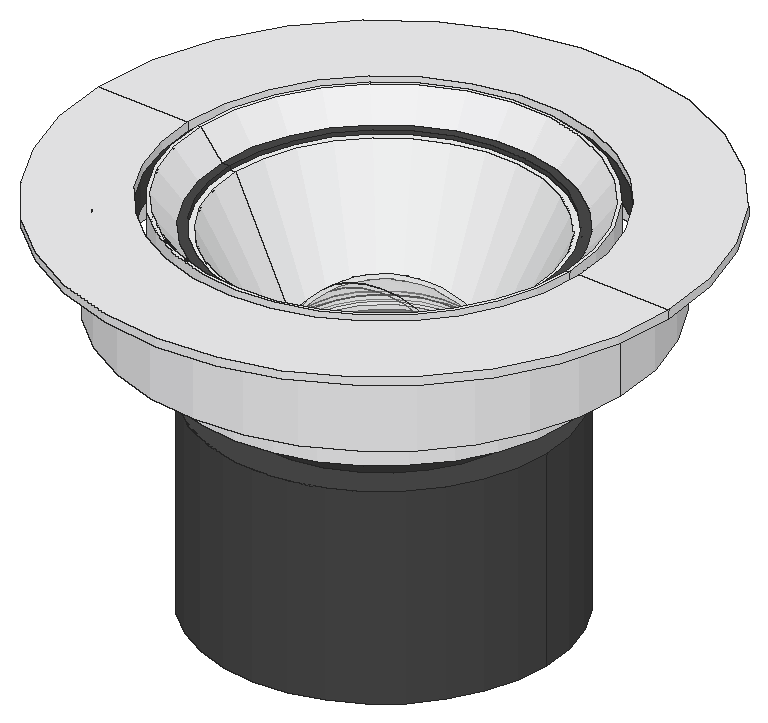
Revit family "2070072", category Lighting Fixtures, host Face, Revit 2018
Family settings
  Host = Face
  Round Connector Dimension = Use Diameter
  Part Type = Normal
  OmniClass Number = 23.80.70.11.17
  OmniClass Title = Specialized Lighting by Location or Use
  Cut with Voids When Loaded = No
  Light Source = No
  Shared = No
  Room Calculation Point = No
Parameters (values of type "2070072 EXPOSPOT 90 ADJ HO RA90 3000K NB WHITE")
  Weight = 0.77 kg  # constant formula
  Total Power Consumption = 27.9994 W
  Reflector Material = Aluminum_Sylvania_Expospot_Polished
  Radius = Diameter / 2  # 75.0 mm
  Product Code = "0060262"
  Photometric Web File = IES_Expospot_90_Adjustable : 0060291
  Photobiological Risk Group = "RG1"  # constant formula
  Nominal Frequency = "50/60Hz"  # constant formula
  Mounting Outer Radius = Head Radius + 3.0 mm  # 52.0 mm
  Max. Luminaires per 20A C Breaker = "45"  # constant formula
  Max. Luminaires per 20A B Breaker = "27"  # constant formula
  Max. Luminaires per 16A C Breaker = "35"  # constant formula
  Max. Luminaires per 16A B Breaker = "21"  # constant formula
  Max. Luminaires per 13A C Breaker = "28"  # constant formula
  Max. Luminaires per 13A B Breaker = "17"  # constant formula
  Max. Luminaires per 10A C Breaker = "21"  # constant formula
  Max. Luminaires per 10A B Breaker = "13"  # constant formula
  Light Loss Factor = 1  # constant formula
  Lamp Power Factor = 0.92
  LOR = "100%"  # constant formula
  Keynote = "n/a"
  Inrush Duration = "250µs"  # constant formula
  Inrush Current = 19.4 A  # constant formula
  Initial Intensity = 3126 lm
  Initial Color = 3000 K
  IP Rating = "IP20"  # constant formula
  IK Rating = "IK02"  # constant formula
  Height = 103.0 mm  # constant formula
  Voltage Comments = "220-240V~"  # constant formula
  Voltage = 240 V  # constant formula
  URL = "0.95"
  Product Page URL = "http://www.sylvania-lighting.com/product/en-int/products/0060262"
  Product Family = "EXPOSPOT 90 ADJUSTABLE"  # constant formula
  Head Radius = Radius - 26.0 mm  # 49.0 mm
  Head Diameter = Head Radius * 2  # 98.0 mm
  Head Angle [instance] = 0°
  Glow Wire Test = 850 °C  # constant formula
  Electrical Protection = "Class II"  # constant formula
  Drive Current = "700mA"  # constant formula
  Dimmable = "N"  # constant formula
  Diffuser Material = Acrylic_Sylvania_Expospot_3000K
  Diameter = 150.0 mm  # constant formula
  Cutout Diameter = Diameter - 10.0 mm  # 140.0 mm
  Created by URL = "http://all1studio.com/"
  Created by = "All 1 Studio Ltd. "  # constant formula
  Control Gear Type = "Electronic"  # constant formula
  Control Gear Required = "No"  # constant formula
  Control Gear Mounting = "Remote"  # constant formula
  Colour Variation Initial = "3SDCM"  # constant formula
  built-in parameter 1114216 [instance] = 1 (stored number, unit not read)
  Model = "EXPOSPOT 90 ADJUSTABLE HO RA90 3000K NB WHITE"
  Manufacturer = "Feilo Sylvania"  # constant formula
  Lamp = "LED"  # constant formula
  CRI = "80Ra"
  Body Material = Aluminum_Sylvania_Expospot_White
  Description = "Specifically designed for Retail and Display applications. I.e. Supermarkets Fashion Retail Department stores. Build around a 90mm reflector and lens combination."  # constant formula
  Default Elevation = 0.0 mm
  built-in parameter 1140040 [instance] = 1
  Beam Angle = 47°
  Average Life = "50 000h"  # constant formula
  Assembly Code = "D5020200"
  Apparent Load Comments = ""
  Apparent Load = 35 VA
  Body Secondary Material = Plastic_Sylvania_Expospot_Black
Reference planes
  plane 1 "Center (Front/Back)": y = 0
  plane 2: z = 0
  plane 3 "Center (Left/Right)": x = -7.423
  plane 4: z = 2
  plane 5: z = -22.5
  plane 6: x = -82.423
  plane 7: z = -5
Forms (mm)
  Revolve 1, solid, material "Aluminum_Sylvania_Expospot_White" <- "Body Material", detail levels fine
    sketch origin (0, 0, 0) x (1, 0, 0) y (0, 0, 1)
      loop
        line (-82.423, 2) -> (-82.423, 0) -> (-69.923, 0) -> (-69.923, -22.5) -> (-67.923, -22.5) -> (-67.923, 0) -> (-58.923, 0) -> (-58.923, 2) -> (-82.423, 2)
      axis (-7.423, 2) -> (-7.423, -22.5)
    angle from 0 to 360
  Revolve 2, solid, material "Plastic_Sylvania_Expospot_Black" <- "Body Secondary Material", detail levels fine
    sketch origin (0, 0, 0) x (1, 0, 0) y (0, 0, 1)
      loop
        line (-67.923, 0) -> (-67.923, -1.5) -> (-60.923, -1.5) -> (-60.923, -8.5) -> (-59.423, -8.5) -> (-59.423, 0) -> (-67.923, 0)
      axis (-7.423, 0) -> (-7.423, -8.5)
    angle from 0 to 360
  Extrusion 3, void
    sketch origin (0, 0, 0) x (1, 0, 0) y (0, 1, 0)
      loop
        circle (-7.423, 0) r 70
    from -116.997 to 69.443
  Extrusion 4, solid, material "Aluminum_Sylvania_Expospot_White" <- "Body Material", detail levels fine
    sketch origin (-7.423, 0, 0) x (0, 1, 0) y (0, 0, 1)
      loop
        circle (0, -5) r 3.5
    from 49 <- "Head Radius" to 52 <- "Mounting Outer Radius"
  Extrusion 5, solid, material "Aluminum_Sylvania_Expospot_White" <- "Body Material", detail levels fine
    sketch origin (-7.423, 0, 0) x (0, 1, 0) y (0, 0, -1)
      loop
        circle (0, 5) r 3.5
    from 49 <- "Head Radius" to 52 <- "Mounting Outer Radius"
  Revolve 6, solid, material "Aluminum_Sylvania_Expospot_White" <- "Body Material", detail levels coarse+medium
    sketch origin (0, 0, 0) x (1, 0, 0) y (0, 0, 1)
      loop
        line (-82.423, 2) -> (-82.423, 0) -> (-69.923, 0) -> (-69.923, -22.5) -> (-67.923, -22.5) -> (-67.923, -8.5) -> (-58.923, -8.5) -> (-58.923, 2) -> (-82.423, 2)
      axis (-7.423, 2) -> (-7.423, -22.5)
    angle from 0 to 360
Lines and regions (mm)
  Masking region 1
    outline origin (0, 0, 0) x (1, 0, 0) y (0, 1, 0)
      loop
        circle (-7.423, 0) r 75
  reference lines
    curve 1: line (-7.423, 0, -5) -> (-7.423, 0, -60)
  symbolic lines, detail levels fine
    curve 2: arc (-58.923, 0, 0) -> (-7.423, 51.5, 0) -> (44.077, 0, 0) r 51.5
    curve 3: arc (44.077, 0, 0) -> (-7.423, -51.5, 0) -> (-58.923, 0, 0) r 51.5
Dimensions and locks
  plane 4 to plane 2 to plane 7 to plane 5 = 2.0 mm locked, 5.0 mm locked, 17.5 mm locked
  "Radius": plane 6 to plane 3 "Center (Left/Right)"
  "Cutout Diameter": diameter of Extrusion 3 sketch curve
  "Head Angle": angle plane 1 "Center (Front/Back)" to curve 1
  aligned and locked: host face to plane 2
  aligned and locked: host face to level
  aligned and locked: plane 6 to Revolve 1 sketch curve
  aligned and locked: Revolve 1 sketch curve to plane 3 "Center (Left/Right)"
  aligned and locked: plane 1 "Center (Front/Back)" to curve 1
  aligned and locked: plane 7 to curve 1
  aligned and locked: plane 6 to Revolve 6 sketch curve
Automatic sketch dimensions
  host sketch curve to host sketch curve = 1412.252 mm
  host sketch curve to host sketch curve = 1359.6 mm
  Revolve 1 sketch curve to level = 0.0 mm  (x2)
  Revolve 1 sketch curve to plane 5 = 0.0 mm
  Revolve 1 sketch curve to plane 4 = 0.0 mm
  Revolve 1 sketch curve to Revolve 1 sketch curve = 12.5 mm
  Revolve 1 sketch curve to Revolve 1 sketch curve = 2.0 mm
  Revolve 1 sketch curve to Revolve 1 sketch curve = 9.0 mm
  Revolve 1 sketch curve to plane 5 = 349.774 mm
  plane 4 to Revolve 1 sketch curve = 1145.706 mm
  Revolve 2 sketch curve to level = 0.0 mm
  Revolve 2 sketch curve to plane 3 "Center (Left/Right)" = 0.0 mm
  Revolve 2 sketch curve to plane 6 = 23.0 mm
  Revolve 2 sketch curve to Revolve 2 sketch curve = 1.5 mm
  Revolve 2 sketch curve to level = 1.5 mm
  Revolve 2 sketch curve to Revolve 2 sketch curve = 7.0 mm
  Revolve 2 sketch curve to plane 7 = 3.5 mm
  Revolve 2 sketch curve to plane 5 = 349.774 mm
  plane 4 to Revolve 2 sketch curve = 1145.706 mm
  plane 1 "Center (Front/Back)" to Extrusion 3 sketch curve = 0.0 mm
  Extrusion 3 sketch curve to plane 3 "Center (Left/Right)" = 0.0 mm
  Extrusion 4 sketch curve to plane 1 "Center (Front/Back)" = 0.0 mm
  Extrusion 4 sketch curve to plane 7 = 0.0 mm
  Extrusion 5 sketch curve to plane 1 "Center (Front/Back)" = 0.0 mm
  Extrusion 5 sketch curve to plane 7 = 0.0 mm
  Revolve 6 sketch curve to level = 0.0 mm
  Revolve 6 sketch curve to plane 5 = 0.0 mm
  Revolve 6 sketch curve to plane 4 = 0.0 mm
  Revolve 6 sketch curve to plane 3 "Center (Left/Right)" = 0.0 mm
  Revolve 6 sketch curve to plane 6 = 12.5 mm
  Revolve 6 sketch curve to plane 7 = 3.5 mm
  Revolve 6 sketch curve to Revolve 6 sketch curve = 9.0 mm
  Revolve 6 sketch curve to plane 5 = 349.774 mm
  plane 4 to Revolve 6 sketch curve = 1145.706 mm
  Revolve 6 sketch curve to Revolve 6 sketch curve = 2.0 mm
  Masking region 1 sketch curve to Masking region 1 sketch curve = 0.0 mm  (x2)
  plane 1 "Center (Front/Back)" to Masking region 1 sketch curve = 0.0 mm
  Masking region 1 sketch curve to plane 6 = 0.0 mm
  Masking region 1 sketch curve to plane 3 "Center (Left/Right)" = 0.0 mm
  curve 2 to curve 3 = 0.0 mm  (x2)
  plane 1 "Center (Front/Back)" to curve 2 = 0.0 mm
  curve 3 to plane 3 "Center (Left/Right)" = 0.0 mm
  curve 3 to plane 6 = 23.5 mm
  radius of Extrusion 4 sketch curve = 3.5 mm
  radius of Extrusion 5 sketch curve = 3.5 mm
Nested families
  nested 1: "Head_Expospot 90" at (-7.423, 0, 2), type "Head_Expospot 90"
  nested 2: "IES_Expospot_90_Adjustable" at (-7.423, 0, 2), type <- "Photometric Web File", type "0060291"
Connectors
  electrical at (-7.423, 0, -101), driven by "Voltage", driven by "Apparent Load", driven by "Lamp Power Factor"
    settings: on nested 1, index 1, voltage 240 V, apparent load 0 VA, apparent load phase1 35 VA, apparent load phase2 0 VA, apparent load phase3 0 VA, power factor 0.92, load classification "Lighting", number of poles 1, system type 31, power factor state 1, is connector primary yes, connector utility no, sub classification motor no, connector description ""
Definition of nested family "Head_Expospot 90"
  Parameters (values of type "Head_Expospot 90")
    Reflector Material = none
    Radius = 49.0 mm
    Height = 103.0 mm
    Diffuser Material = none
    Default Elevation = 0.0 mm
    Cooling Radius = Radius - 6.0 mm  # 43.0 mm
    Body Secondary Material = none
    Body Material = none
  Reference planes
    plane 1 "Center (Front/Back)": y = 0
    plane 2: z = 0
    plane 3 "Center (Left/Right)": x = 0
    plane 4: z = -35.5
    plane 5: z = -6.5
    plane 6 "Fixture Radius": x = -49
    plane 7: z = -45
    plane 8: z = -95
    plane 9: z = -103
    plane 10 "Diffuser Radius": x = -24.5
    plane 11: z = -36.5
  Forms (mm)
    Revolve 1, solid, material <- "Body Material", detail levels fine
      sketch origin (0, 0, 0) x (1, 0, 0) y (0, 0, 1)
        loop
          line (-49, 0) -> (-49, -35.5) -> (-47, -35.5) -> (-47, -4.542) -> (-45.357, -6.5) -> (-42.746, -6.5) -> (-48.2, 0) -> (-49, 0)
        axis (0, 0) -> (0, -35.5)
      angle from 0 to 360
    Revolve 2, solid, material <- "Reflector Material", detail levels fine
      sketch origin (0, 0, 0) x (1, 0, 0) y (0, 0, 1)
        loop
          line (-41, -7.5) -> (-41, -8.5) -> (-39.623, -8.5) -> (-25.123, -37.5) -> (-20.5, -37.5) -> (-20.5, -36.5) -> (-24.5, -36.5) -> (-39, -7.5) -> (-41, -7.5)
        axis (0, -7.5) -> (0, -37.5)
      angle from 0 to 360
    Revolve 3, solid, material <- "Body Secondary Material", detail levels fine
      sketch origin (0, 0, 0) x (1, 0, 0) y (0, 0, 1)
        loop
          line (-47, -6.5) -> (-47, -35.5) -> (-42.5, -35.5) -> (-35.078, -45) -> (0, -45) -> (0, -37.5) -> (-24.5, -37.5) -> (-24.5, -44) -> (-34.59, -44) -> (-42.012, -34.5) -> (-46, -34.5) -> (-46, -7.5) -> (-40.5, -7.5) -> (-40.5, -6.5) -> (-47, -6.5)
        axis (0, -6.5) -> (0, -45)
      angle from 0 to 360
    Revolve 4, solid, material <- "Body Secondary Material", detail levels fine
      sketch origin (0, 0, 0) x (1, 0, 0) y (0, 0, 1)
        loop
          line (-30, -95) -> (-30, -97) -> (-28, -103) -> (0, -103) -> (0, -95) -> (-30, -95)
        axis (0, -95) -> (0, -103)
      angle from 0 to 360
    Extrusion 5, solid, material <- "Body Secondary Material", detail levels fine
      sketch origin (0, 0, 0) x (1, 0, 0) y (0, 1, 0)
        loop
          circle (0, 0) r 43
      from -95 to -45
    Extrusion 6, solid, material <- "Body Material", detail levels coarse+medium
      sketch origin (0, 0, 0) x (1, 0, 0) y (0, 1, 0)
        loop
          circle (0, 0) r 49
      from -103 to 0
    Revolve 7, solid, material <- "Diffuser Material", detail levels fine
      sketch origin (0, 0, 0) x (1, 0, 0) y (0, 0, 1)
        loop
          line (-22.5, -34.5) -> (-22.5, -36.5) -> (-21.5, -36.5) -> (-21.5, -34.77)
          arc (-21.5, -34.77) -> (-12.378, -25.783) -> (0, -22.5) r 24.971
          line (0, -22.5) -> (0, -21.5)
          arc (0, -21.5) -> (-12.993, -24.984) -> (-22.5, -34.5) r 25.971
        axis (0, -21.5) -> (0, -36.5)
      angle from 0 to 360
  Dimensions and locks
    "Radius": plane 3 "Center (Left/Right)" to plane 6 "Fixture Radius"
    locked: Revolve 4 sketch curve to plane 6 "Fixture Radius" at 19
    locked: plane 10 "Diffuser Radius" to plane 6 "Fixture Radius" at 24.5
    Revolve 7 sketch curve to Revolve 7 sketch curve to plane 11 = 1.0 mm locked, 14.0 mm locked
    plane 10 "Diffuser Radius" to Revolve 7 sketch curve to Revolve 7 sketch curve = 2.0 mm locked, 1.0 mm locked
    "Height": plane 2 to plane 9
    locked: plane 8 to plane 9 at 8
    plane 2 to plane 5 to plane 4 to plane 11 to plane 7 = 6.5 mm locked, 29.0 mm locked, 1.0 mm locked, 8.5 mm locked
    "Radius": radius of Extrusion 6 sketch curve
    "Cooling Radius": radius of Extrusion 5 sketch curve
    aligned and locked: level to plane 2
    aligned and locked: Revolve 1 sketch curve to plane 6 "Fixture Radius"
    aligned and locked: Extrusion 5 to plane 8
    aligned and locked: plane 7 to Extrusion 5
    aligned and locked: Extrusion 6 to plane 9
    aligned and locked: plane 2 to Extrusion 6
    aligned and locked: Revolve 1 sketch curve to plane 4
  Automatic sketch dimensions
    Revolve 4 sketch curve to plane 8 = 0.0 mm
    Revolve 4 sketch curve to plane 9 = 0.0 mm
    Revolve 4 sketch curve to plane 3 "Center (Left/Right)" = 0.0 mm  (x2)
    Revolve 4 sketch curve to plane 8 = 2.0 mm
    Revolve 4 sketch curve to Revolve 4 sketch curve = 2.0 mm
    Revolve 4 sketch curve to plane 9 = 265.545 mm
    level to Revolve 4 sketch curve = 2214.315 mm
    Revolve 1 sketch curve to level = 0.0 mm
    Revolve 1 sketch curve to plane 3 "Center (Left/Right)" = 0.0 mm
    Revolve 1 sketch curve to Revolve 1 sketch curve = 0.8 mm
    Revolve 1 sketch curve to Revolve 1 sketch curve = 2.0 mm
    plane 5 to Revolve 1 sketch curve = 1.958 mm
    Revolve 1 sketch curve to plane 5 = 0.0 mm
    Revolve 1 sketch curve to Revolve 1 sketch curve = 1.643 mm
    Revolve 1 sketch curve to Revolve 1 sketch curve = 2.611 mm
    Revolve 1 sketch curve to plane 9 = 288.545 mm
    level to Revolve 1 sketch curve = 2214.315 mm
    plane 10 "Diffuser Radius" to Revolve 2 sketch curve = 0.0 mm
    Revolve 2 sketch curve to plane 3 "Center (Left/Right)" = 0.0 mm
    Revolve 2 sketch curve to plane 11 = 0.0 mm
    Revolve 2 sketch curve to plane 5 = 1.0 mm
    plane 6 "Fixture Radius" to Revolve 2 sketch curve = 10.0 mm
    Revolve 2 sketch curve to Revolve 2 sketch curve = 2.0 mm
    Revolve 2 sketch curve to plane 10 "Diffuser Radius" = 4.0 mm
    Revolve 2 sketch curve to Revolve 2 sketch curve = 383.045 mm
    Revolve 2 sketch curve to Revolve 2 sketch curve = 2221.815 mm
    plane 10 "Diffuser Radius" to Revolve 2 sketch curve = 0.623 mm
    Revolve 2 sketch curve to Revolve 2 sketch curve = 0.623 mm
    Revolve 2 sketch curve to Revolve 2 sketch curve = 1.0 mm
    Revolve 2 sketch curve to plane 11 = 1.0 mm
    Revolve 3 sketch curve to plane 5 = 0.0 mm
    Revolve 3 sketch curve to plane 4 = 0.0 mm
    Revolve 3 sketch curve to plane 7 = 0.0 mm
    plane 10 "Diffuser Radius" to Revolve 3 sketch curve = 0.0 mm
    Revolve 3 sketch curve to plane 3 "Center (Left/Right)" = 0.0 mm  (x2)
    plane 7 to Revolve 3 sketch curve = 1.0 mm
    plane 10 "Diffuser Radius" to Revolve 3 sketch curve = 10.09 mm
    Revolve 3 sketch curve to Revolve 3 sketch curve = 0.488 mm  (x2)
    Revolve 3 sketch curve to plane 5 = 1.0 mm
    plane 6 "Fixture Radius" to Revolve 3 sketch curve = 8.5 mm
    plane 4 to Revolve 3 sketch curve = 1.0 mm
    plane 6 "Fixture Radius" to Revolve 3 sketch curve = 6.988 mm
    plane 6 "Fixture Radius" to Revolve 3 sketch curve = 3.0 mm
    Revolve 3 sketch curve to Revolve 3 sketch curve = 1.0 mm
    Revolve 3 sketch curve to plane 9 = 265.545 mm
    level to Revolve 3 sketch curve = 2214.315 mm
    Revolve 3 sketch curve to plane 11 = 1.0 mm
    Revolve 7 sketch curve to Revolve 7 sketch curve = 0.0 mm
    Revolve 7 sketch curve to plane 11 = 0.0 mm
    Revolve 7 sketch curve to plane 3 "Center (Left/Right)" = 0.0 mm  (x2)
    plane 4 to Revolve 7 sketch curve = 0.73 mm
    Revolve 7 sketch curve to plane 9 = 278.0 mm
    level to Revolve 7 sketch curve = 156.383 mm
    plane 1 "Center (Front/Back)" to Extrusion 5 sketch curve = 0.0 mm
    Extrusion 5 sketch curve to plane 3 "Center (Left/Right)" = 0.0 mm
    plane 1 "Center (Front/Back)" to Extrusion 6 sketch curve = 0.0 mm
    Extrusion 6 sketch curve to plane 3 "Center (Left/Right)" = 0.0 mm
Definition of nested family "IES_Expospot_90_Adjustable"
  Parameters (values of type "0060286")
    Wattage = 34.9993 W
    built-in parameter 1150110 = 1 (stored number, unit not read)
    Total Power Consumption = 34.9993 W
    built-in parameter 1114217 = 1 (stored number, unit not read)
    Tilt Angle = -90°
    built-in parameter 1150109 = 1 (stored number, unit not read)
    built-in parameter 1150134 = (empty or 0)
    built-in parameter 1150113 = 1 (stored number, unit not read)
    Photometric Web File = "0060286.ies"
    built-in parameter 1150105 = 296.11 (stored number, unit not read)
    Lumens = 3721 lm
    built-in parameter 1150115 = 1 (stored number, unit not read)
    built-in parameter 1150137 = (empty or 0)
    built-in parameter 1150139 = (empty or 0)
    built-in parameter 1150112 = 1 (stored number, unit not read)
    built-in parameter 1150114 = 1 (stored number, unit not read)
    built-in parameter 1150132 = 2
    built-in parameter 1150102 = 3721
    built-in parameter 1150107 = 3000 (stored number, unit not read)
    built-in parameter 1150138 = 3000
    built-in parameter 1150106 = 2.9611 (stored number, unit not read)
    Emit from Circle Diameter = 98.0 mm
    Emit Shape Visible in Rendering = no
    built-in parameter 1150104 = 9.8771 (stored number, unit not read)
    Dimming Lamp Color Temperature Shift = (empty or 0)
    Default Elevation = 0.0 mm
    Color Filter = 16777215
    built-in parameter 1114218 = 1 (stored number, unit not read)
    built-in parameter 1150133 = 10 (stored number, unit not read)
    Apparent Load = 34.9993 VA
  Types (24, lengths in mm): name | Wattage | Total Power Consumption | built-in parameter 1150134 | Photometric Web File | built-in parameter 1150105 | Lumens | built-in parameter 1150102 | built-in parameter 1150107 | built-in parameter 1150138 | built-in parameter 1150106 | built-in parameter 1150104 | Apparent Load
    0060296 | 34.9993 W | 34.9993 W | 12 | "0060296.ies" | 276.85 (stored number, unit not read) | 3479 lm | 3479 | 4000 (stored number, unit not read) | 4000 | 2.7685 (stored number, unit not read) | 9.2348 (stored number, unit not read) | 34.9993 VA
    0060295 | 34.9993 W | 34.9993 W | 12 | "0060295.ies" | 275.18 (stored number, unit not read) | 3458 lm | 3458 | 4000 (stored number, unit not read) | 4000 | 2.7518 (stored number, unit not read) | 9.179 (stored number, unit not read) | 34.9993 VA
    0060294 | 34.9993 W | 34.9993 W | 12 | "0060294.ies" | 284.09 (stored number, unit not read) | 3570 lm | 3570 | 4000 (stored number, unit not read) | 4000 | 2.8409 (stored number, unit not read) | 9.4763 (stored number, unit not read) | 34.9993 VA
    0060293 | 34.9993 W | 34.9993 W | (empty or 0) | "0060293.ies" | 262.05 (stored number, unit not read) | 3293 lm | 3293 | 3000 (stored number, unit not read) | 3000 | 2.6205 (stored number, unit not read) | 8.741 (stored number, unit not read) | 34.9993 VA
    0060292 | 34.9993 W | 34.9993 W | (empty or 0) | "0060292.ies" | 253.06 (stored number, unit not read) | 3180 lm | 3180 | 3000 (stored number, unit not read) | 3000 | 2.5306 (stored number, unit not read) | 8.4411 (stored number, unit not read) | 34.9993 VA
    0060291 | 34.9993 W | 34.9993 W | (empty or 0) | "0060291.ies" | 268.1 (stored number, unit not read) | 3369 lm | 3369 | 3000 (stored number, unit not read) | 3000 | 2.681 (stored number, unit not read) | 8.9428 (stored number, unit not read) | 34.9993 VA
    0060290 | 34.9993 W | 34.9993 W | 12 | "0060290.ies" | 313.69 (stored number, unit not read) | 3942 lm | 3942 | 4000 (stored number, unit not read) | 4000 | 3.1369 (stored number, unit not read) | 10.464 (stored number, unit not read) | 34.9993 VA
    0060289 | 34.9993 W | 34.9993 W | 12 | "0060289.ies" | 306.53 (stored number, unit not read) | 3852 lm | 3852 | 4000 (stored number, unit not read) | 4000 | 3.0653 (stored number, unit not read) | 10.225 (stored number, unit not read) | 34.9993 VA
    0060288 | 34.9993 W | 34.9993 W | 12 | "0060288.ies" | 327.94 (stored number, unit not read) | 4121 lm | 4121 | 4000 (stored number, unit not read) | 4000 | 3.2794 (stored number, unit not read) | 10.939 (stored number, unit not read) | 34.9993 VA
    0060287 | 34.9993 W | 34.9993 W | (empty or 0) | "0060287.ies" | 297.3 (stored number, unit not read) | 3736 lm | 3736 | 3000 (stored number, unit not read) | 3000 | 2.973 (stored number, unit not read) | 9.9169 (stored number, unit not read) | 34.9993 VA
    0060286 | 34.9993 W | 34.9993 W | (empty or 0) | "0060286.ies" | 296.11 (stored number, unit not read) | 3721 lm | 3721 | 3000 (stored number, unit not read) | 3000 | 2.9611 (stored number, unit not read) | 9.8771 (stored number, unit not read) | 34.9993 VA
    0060272 | 27.9994 W | 27.9994 W | 12 | "0060272.ies" | 227.19 (stored number, unit not read) | 2855 lm | 2855 | 4000 (stored number, unit not read) | 4000 | 2.2719 (stored number, unit not read) | 9.473 (stored number, unit not read) | 27.9994 VA
    0060271 | 27.9994 W | 27.9994 W | 12 | "0060271.ies" | 225.68 (stored number, unit not read) | 2836 lm | 2836 | 4000 (stored number, unit not read) | 4000 | 2.2568 (stored number, unit not read) | 9.4099 (stored number, unit not read) | 27.9994 VA
    0060270 | 27.9994 W | 27.9994 W | 12 | "0060270.ies" | 221.94 (stored number, unit not read) | 2789 lm | 2789 | 4000 (stored number, unit not read) | 4000 | 2.2194 (stored number, unit not read) | 9.254 (stored number, unit not read) | 27.9994 VA
    0060269 | 27.9994 W | 27.9994 W | (empty or 0) | "0060269.ies" | 206.03 (stored number, unit not read) | 2589 lm | 2589 | 3000 (stored number, unit not read) | 3000 | 2.0603 (stored number, unit not read) | 8.5904 (stored number, unit not read) | 27.9994 VA
    0060268 | 27.9994 W | 27.9994 W | (empty or 0) | "0060268.ies" | 204.75 (stored number, unit not read) | 2573 lm | 2573 | 3000 (stored number, unit not read) | 3000 | 2.0475 (stored number, unit not read) | 8.5373 (stored number, unit not read) | 27.9994 VA
    0060267 | 27.9994 W | 27.9994 W | (empty or 0) | "0060267.ies" | 201.81 (stored number, unit not read) | 2536 lm | 2536 | 3000 (stored number, unit not read) | 3000 | 2.0181 (stored number, unit not read) | 8.4145 (stored number, unit not read) | 27.9994 VA
    0060266 | 27.9994 W | 27.9994 W | 12 | "0060266.ies" | 256.96 (stored number, unit not read) | 3229 lm | 3229 | 4000 (stored number, unit not read) | 4000 | 2.5696 (stored number, unit not read) | 10.714 (stored number, unit not read) | 27.9994 VA
    0060265 | 27.9994 W | 27.9994 W | 12 | "0060265.ies" | 257.19 (stored number, unit not read) | 3232 lm | 3232 | 4000 (stored number, unit not read) | 4000 | 2.5719 (stored number, unit not read) | 10.724 (stored number, unit not read) | 27.9994 VA
    0060264 | 27.9994 W | 27.9994 W | 12 | "0060264.ies" | 250.27 (stored number, unit not read) | 3145 lm | 3145 | 4000 (stored number, unit not read) | 4000 | 2.5027 (stored number, unit not read) | 10.435 (stored number, unit not read) | 27.9994 VA
    0060263 | 27.9994 W | 27.9994 W | (empty or 0) | "0060263.ies" | 252.58 (stored number, unit not read) | 3174 lm | 3174 | 3000 (stored number, unit not read) | 3000 | 2.5258 (stored number, unit not read) | 10.531 (stored number, unit not read) | 27.9994 VA
    0060262 | 27.9994 W | 27.9994 W | (empty or 0) | "0060262.ies" | 248.76 (stored number, unit not read) | 3126 lm | 3126 | 3000 (stored number, unit not read) | 3000 | 2.4876 (stored number, unit not read) | 10.372 (stored number, unit not read) | 27.9994 VA
    0060261 | 27.9993 W | 28 W | (empty or 0) | "0060261.ies" | 3140.4 (stored number, unit not read) | 3174 lm | 3479 | 3000 (stored number, unit not read) | 4000 | 31.404 (stored number, unit not read) | 10.531 (stored number, unit not read) | 28 VA
    0060285 | 35.0009 W | 34.9993 W | (empty or 0) | "0060285.ies" | 4452.3 (stored number, unit not read) | 3946 lm | 3721 | 3000 (stored number, unit not read) | 3000 | 44.523 (stored number, unit not read) | 10.474 (stored number, unit not read) | 34.9993 VA
  Reference planes
    plane 1 "Center (Front/Back)": y = 0
    plane 2: z = 0
    plane 3 "Center (Left/Right)": x = 0
  Dimensions and locks
    aligned and locked: level to plane 2
    aligned and locked: plane 3 "Center (Left/Right)" to imposter light
    aligned and locked: plane 1 "Center (Front/Back)" to imposter light
    aligned and locked: level to imposter light
